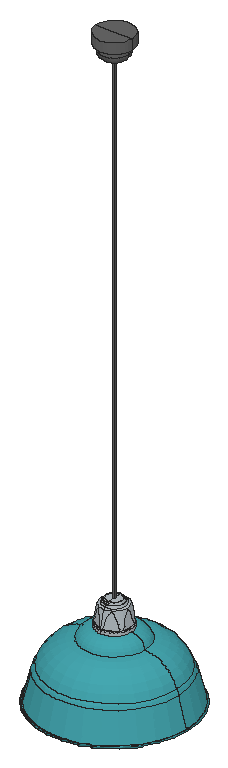
Revit family "Contempo Barn WDU5_14,16,18,20,22", category Lighting Fixtures, Revit 2020 (continued)
Definition of nested family "WDU518_1"
  Definition of nested family "WDU518"
    Forms (in)
      Revolve 1, solid, material <- "BODY", visible <- "WDU518"
        sketch origin (0, 0, 0.03516) x (1, 0, 0) y (0, 0, 1)
          loop
            line (-8.71742, 0.08539) -> (-7.59082, 4.28993)
            arc (-7.59082, 4.28993) -> (-7.48304, 4.65479) -> (-7.29779, 4.9871) r 1.72233
            arc (-7.29779, 4.9871) -> (-5.77778, 6.469) -> (-3.83512, 7.3249) r 5.96625
            arc (-3.83512, 7.3249) -> (-3.31878, 8.14082) -> (-2.40704, 8.45875) r 1.46625
            line (-2.40704, 8.45875) -> (-2.15625, 8.45875) -> (-2.15625, 8.93367) -> (-1.94, 9.2225)
          axis (0, 9.2225) -> (0, -0.02515)
        angle from 0 to 360
      Revolve 2, solid, material <- "HUB", visible <- "WDU518"
        sketch origin (0, 11.70542, 1.71144) x (0, 1, 0) y (0, 0, 1)
          loop
            arc (-12.8633, 10.66356) -> (-12.89198, 10.65452) -> (-12.91029, 10.63066) r 0.05
            line (-12.91029, 10.63066) -> (-13.01461, 10.34404) -> (-13.21461, 10.34404) -> (-13.31652, 10.06404) -> (-13.6924, 9.92723) -> (-14.13025, 7.44404) -> (-14.16127, 7.44404)
            arc (-14.16127, 7.44404) -> (-14.1928, 7.42739) -> (-14.20542, 7.39404) r 0.05039
            line (-14.20542, 7.39404) -> (-14.20542, 6.89404) -> (-11.70542, 6.89404) -> (-11.70542, 10.66356) -> (-12.8633, 10.66356)
          axis (-11.70542, 10.66356) -> (-11.70542, 6.89404)
        angle from 0 to 360
      Extrusion 3, void
        sketch origin (11.70542, 0, 1.71144) x (1, 0, 0) y (0, 0, 1)
          loop
            line (-9.24957, 7.44404) -> (-9.24957, 10.19404) -> (-9.7364, 10.19404) -> (-9.4864, 7.44404) -> (-9.24957, 7.44404)
        from -1.03027 to 1.03705
      Extrusion 4, void
        sketch origin (-11.70542, 0.0024, 1.71144) x (-1, 0.000784, 0) y (0, 0, 1)
          loop
            line (-9.24957, 7.44404) -> (-9.24957, 10.19404) -> (-9.7364, 10.19404) -> (-9.4864, 7.44404) -> (-9.24957, 7.44404)
        from -1.03027 to 1.03705
      Extrusion 5, void
        sketch origin (5.85368, 10.13421, 1.71144) x (0.500262, 0.865874, 0) y (0, 0, 1)
          loop
            line (-9.24957, 7.44404) -> (-9.24957, 10.19404) -> (-9.7364, 10.19404) -> (-9.4864, 7.44404) -> (-9.24957, 7.44404)
        from -1.03027 to 1.03705
      Extrusion 6, void
        sketch origin (-5.85996, -10.13543, 1.71144) x (-0.500941, -0.865481, 0) y (0, 0, 1)
          loop
            line (-9.24957, 7.44404) -> (-9.24957, 10.19404) -> (-9.7364, 10.19404) -> (-9.4864, 7.44404) -> (-9.24957, 7.44404)
        from -1.03027 to 1.03705
      Extrusion 7, void
        sketch origin (-5.84989, 10.13882, 1.71144) x (-0.49958, 0.866268, 0) y (0, 0, 1)
          loop
            line (-9.24957, 7.44404) -> (-9.24957, 10.19404) -> (-9.7364, 10.19404) -> (-9.4864, 7.44404) -> (-9.24957, 7.44404)
        from -1.03027 to 1.03705
      Extrusion 8, void
        sketch origin (5.84361, -10.14244, 1.71144) x (0.4989, -0.866659, 0) y (0, 0, 1)
          loop
            line (-9.24957, 7.44404) -> (-9.24957, 10.19404) -> (-9.7364, 10.19404) -> (-9.4864, 7.44404) -> (-9.24957, 7.44404)
        from -1.03027 to 1.03705
    Cuts and joins
      Extrusion 3 cuts Revolve 1
      Extrusion 3, Extrusion 4, Extrusion 5, Extrusion 6, Extrusion 7, Extrusion 8 cuts Revolve 2
    Dimensions and locks (in)
      plane 4 to plane 2 = 1' - 0 3/8"
      plane 5 to plane 3 "Center (Left/Right)" = 0' - 9"
      plane 5 to plane 6 = 1' - 6"
      aligned and locked: plane 2 to level
Definition of nested family "WDU520_1"
  Parameters (values of type "WDU520_1")
    WDU520 [instance] = yes
    Light Elevation [instance] = 2' - 4.50963"
    HUB [instance] = none
    Default Elevation = 0' - 0"
    Body [instance] = none
  Reference planes (in)
    plane 1 "Center (Front/Back)": y = 0
    plane 2: z = 0
    plane 3 "Center (Left/Right)": x = 0
    plane 4: z = 28.50963
  Dimensions and locks (in)
    "Light Elevation": plane 4 to plane 2
    aligned and locked: plane 2 to level
    aligned and locked: plane 3 "Center (Left/Right)" to nested 1
    aligned and locked: plane 1 "Center (Front/Back)" to nested 1
    aligned and locked: plane 4 to nested 1
  Nested families (in)
    nested 1: "WFU520" at (0, 0, 15.25963), HUB <- "HUB", BODY <- "Body", visible <- "WDU520", WDU520 <- "WDU520", type "WFU520"
      with WDU520 yes, HUB none, BODY none
  Definition of nested family "WFU520"
    Parameters (values of type "WFU520")
      WDU520 [instance] = yes
      BODY [instance] = none
      HUB [instance] = none
      Default Elevation = 0' - 0"
    Reference planes (in)
      plane 1 "Center (Front/Back)": y = 0
      plane 2: z = 0
      plane 3 "Center (Left/Right)": x = 0
      plane 4: z = 13.25
      plane 5: x = 10
      plane 6: x = -10
    Forms (in)
      Revolve 1, solid, material <- "BODY", visible <- "WDU520"
        sketch origin (0, 0, 0.03516) x (1, 0, 0) y (0, 0, 1)
          loop
            line (-1.94, 9.99594) -> (-2, 9.99594) -> (-2.25, 9.74594) -> (-2.25, 9.32594) -> (-2.40704, 9.32594)
            arc (-2.40704, 9.32594) -> (-3.2115, 8.67749) -> (-3.7736, 7.8105) r 3.27152
            arc (-3.7736, 7.8105) -> (-6.67691, 6.6129) -> (-8.70743, 4.21698) r 6.65335
            line (-8.70743, 4.21698) -> (-9.80734, 0.11202)
            arc (-9.80734, 0.11202) -> (-9.82678, 0.08136) -> (-9.8581, 0.063) r 0.07702
            arc (-9.8581, 0.063) -> (-9.9028, 0.07945) -> (-9.88719, 0.12445) r 0.034
            line (-9.88719, 0.12445) -> (-9.8555, 0.14019)
            arc (-9.8555, 0.14019) -> (-9.83436, 0.20302) -> (-9.89719, 0.22416) r 0.04688
            line (-9.89719, 0.22416) -> (-9.92888, 0.20842)
            arc (-9.92888, 0.20842) -> (-9.98898, 0.0425) -> (-9.82599, -0.02515) r 0.12775
            arc (-9.82599, -0.02515) -> (-9.75845, 0.0171) -> (-9.71742, 0.08539) r 0.17077
            line (-9.71742, 0.08539) -> (-8.61118, 4.21395)
            arc (-8.61118, 4.21395) -> (-6.564, 6.56914) -> (-3.67026, 7.7371) r 6.67831
            arc (-3.67026, 7.7371) -> (-3.14662, 8.58725) -> (-2.38439, 9.23219) r 3.16777
            line (-2.38439, 9.23219) -> (-2.15625, 9.23219) -> (-2.15625, 9.7071) -> (-1.94, 9.99594)
          axis (0, 9.99594) -> (0, -0.02515)
        angle from 0 to 360
      Revolve 2, solid, material <- "HUB", visible <- "WDU520"
        sketch origin (0, 11.70542, 2.58644) x (0, 1, 0) y (0, 0, 1)
          loop
            arc (-12.8633, 10.66356) -> (-12.89198, 10.65452) -> (-12.91029, 10.63066) r 0.05
            line (-12.91029, 10.63066) -> (-13.01461, 10.34404) -> (-13.21461, 10.34404) -> (-13.31652, 10.06404) -> (-13.6924, 9.92723) -> (-14.13025, 7.44404) -> (-14.16127, 7.44404)
            arc (-14.16127, 7.44404) -> (-14.1928, 7.42739) -> (-14.20542, 7.39404) r 0.05039
            line (-14.20542, 7.39404) -> (-14.20542, 6.89404) -> (-11.70542, 6.89404) -> (-11.70542, 10.66356) -> (-12.8633, 10.66356)
          axis (-11.70542, 10.66356) -> (-11.70542, 6.89404)
        angle from 0 to 360
      Extrusion 3, void
        sketch origin (11.70542, 0, 2.58644) x (1, 0, 0) y (0, 0, 1)
          loop
            line (-9.24957, 7.44404) -> (-9.24957, 10.19404) -> (-9.7364, 10.19404) -> (-9.4864, 7.44404) -> (-9.24957, 7.44404)
        from -1.03027 to 1.03705
      Extrusion 4, void
        sketch origin (-11.70542, 0.0024, 2.58644) x (-1, 0.000784, 0) y (0, 0, 1)
          loop
            line (-9.24957, 7.44404) -> (-9.24957, 10.19404) -> (-9.7364, 10.19404) -> (-9.4864, 7.44404) -> (-9.24957, 7.44404)
        from -1.03027 to 1.03705
      Extrusion 5, void
        sketch origin (5.85368, 10.13421, 2.58644) x (0.500262, 0.865874, 0) y (0, 0, 1)
          loop
            line (-9.24957, 7.44404) -> (-9.24957, 10.19404) -> (-9.7364, 10.19404) -> (-9.4864, 7.44404) -> (-9.24957, 7.44404)
        from -1.03027 to 1.03705
      Extrusion 6, void
        sketch origin (-5.85996, -10.13543, 2.58644) x (-0.500941, -0.865481, 0) y (0, 0, 1)
          loop
            line (-9.24957, 7.44404) -> (-9.24957, 10.19404) -> (-9.7364, 10.19404) -> (-9.4864, 7.44404) -> (-9.24957, 7.44404)
        from -1.03027 to 1.03705
      Extrusion 7, void
        sketch origin (-5.84989, 10.13882, 2.58644) x (-0.49958, 0.866268, 0) y (0, 0, 1)
          loop
            line (-9.24957, 7.44404) -> (-9.24957, 10.19404) -> (-9.7364, 10.19404) -> (-9.4864, 7.44404) -> (-9.24957, 7.44404)
        from -1.03027 to 1.03705
      Extrusion 8, void
        sketch origin (5.84361, -10.14244, 2.58644) x (0.4989, -0.866659, 0) y (0, 0, 1)
          loop
            line (-9.24957, 7.44404) -> (-9.24957, 10.19404) -> (-9.7364, 10.19404) -> (-9.4864, 7.44404) -> (-9.24957, 7.44404)
        from -1.03027 to 1.03705
    Cuts and joins
      Extrusion 3 cuts Revolve 1
      Extrusion 3, Extrusion 4, Extrusion 5, Extrusion 6, Extrusion 7, Extrusion 8 cuts Revolve 2
    Dimensions and locks (in)
      plane 4 to plane 2 = 1' - 1 1/4"
      plane 5 to plane 3 "Center (Left/Right)" = 0' - 10"
      plane 5 to plane 6 = 1' - 8"
      aligned and locked: plane 2 to level
Types (6): name | a | Weight | WDU522 | WDU520 | WDU518 | WDU516 | WDU514 | URL | Model | Fixture Height | Fixture Diameter
  (no name) | 1' - 1" | "6.2 lb" | yes | no | no | no | no | "https://www.anplighting.com/assets/Uploads/product-attachments/specification-sheets/ANP-Specification-Sheet-INC-WDU522.pdf" | "WDU522" | 1' - 2" | 1' - 10"
  WDU514 | 0' - 10" | "3.7 lb" | no | no | no | no | yes | "https://www.anplighting.com/assets/Uploads/product-attachments/specification-sheets/ANP-Specification-Sheet-INC-WDU514.pdf" | "WDU514" | 0' - 10 5/8" | 1' - 2"
  WDU516 | 1' - 0" | "4.2 lb" | no | no | no | yes | no | "https://www.anplighting.com/assets/Uploads/product-attachments/specification-sheets/ANP-Specification-Sheet-INC-WDU516.pdf" | "WDU516" | 0' - 11 1/2" | 1' - 4"
  WDU518 | 1' - 0" | "4.7 lb" | no | no | yes | no | no | "https://www.anplighting.com/assets/Uploads/product-attachments/specification-sheets/ANP-Specification-Sheet-INC-WDU518.pdf" | "WDU518" | 1' - 0 3/8" | 1' - 6"
  WDU520 | 1' - 1" | "5.2 lb" | no | yes | no | no | no | "https://www.anplighting.com/assets/Uploads/product-attachments/specification-sheets/ANP-Specification-Sheet-INC-WDU520.pdf" | "WDU520" | 1' - 1 1/4" | 1' - 8"
  WDU522 | 1' - 1" | "6.2 lb" | yes | no | no | no | no | "https://www.anplighting.com/assets/Uploads/product-attachments/specification-sheets/ANP-Specification-Sheet-INC-WDU522.pdf" | "WDU522" | 1' - 2" | 1' - 10"
